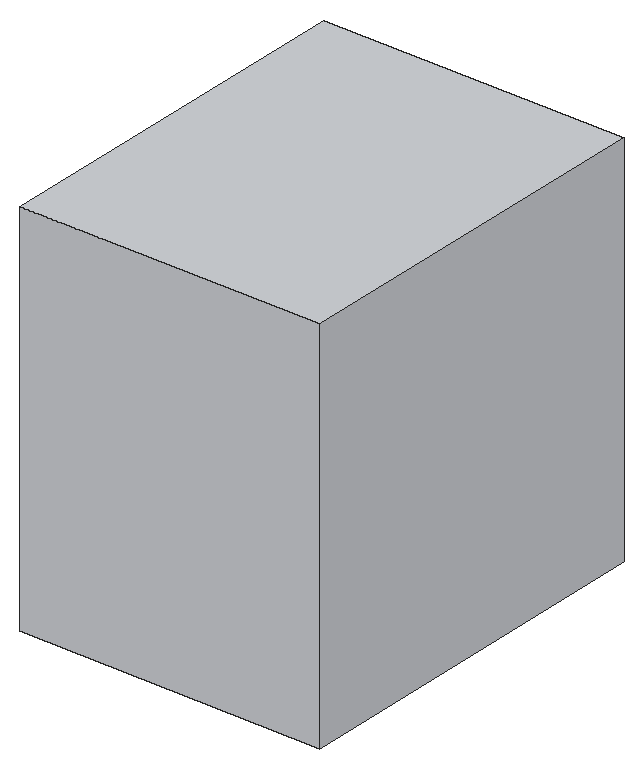
Revit family "M_Plugue - PVC - Sch 40 - DWV", category Conexões de tubo, Revit 2019
Family settings
  Cota do conector redondo = Usar raio
  Tipo de parte = Cobertura
  Número OmniClass = 23.60.30.11.14
  Título OmniClass = Pipework Fittings
  ID de item do Seek = Plug - PVC - Sch 40 - DWV-0000-CAN-ENU
  Com base no plano de trabalho = Não
  Sempre na vertical = Sim
  Corte com vazios quando carregada = Não
  Compartilhado = Não
Parameters (values of type "Padrão")
  Comprimento da rosca [instance] = size_lookup(Nome da tabela de pesquisa, "TLgt", 0.11 * Diâmetro nominal + 10.716 mm, Diâmetro nominal)  # 15.875 mm
  Raio nominal [instance] = 20 mm
  Diâmetro nominal [instance] = Raio nominal * 2  # 40 mm
  Método de perda = Não definido
  Nome da tabela de pesquisa = "M_Plug - PVC - Sch 40 - DWV"
  Altura [instance] = size_lookup(Nome da tabela de pesquisa, "Hgt", 0.15 * Diâmetro nominal + 29.964 mm, Diâmetro nominal)  # 34.925 mm
  Largura da extremidade superior [instance] = 0.5 * Diâmetro externo da conexão  # 24.13 mm
  Altura da extremidade [instance] = Altura - Comprimento da rosca  # 19.05 mm
  Raio externo da conexão [instance] = Diâmetro externo da conexão / 2  # 24.13 mm
  Diâmetro externo da conexão [instance] = size_lookup(Nome da tabela de pesquisa, "FOD", 1.04 * Diâmetro nominal + 9.128 mm, Diâmetro nominal)  # 48.26 mm
Reference planes
  plane 1 "Centro (Frente/Trás)": y = 0
  plane 2: z = 0
  plane 3 "Centro (Esquerda/Direita)": x = 0
  plane 4: x = 19.05
  plane 5: y = 12.065
  plane 6: y = -12.065
  plane 7: z = 12.065
  plane 8: z = -12.065
Forms (mm)
  Extrusion 1, solid, detail levels fine
    sketch origin (0, 0, 0) x (1, 0, 0) y (0, 1, 0)
      loop
        line (0, 12.065) -> (0, -12.065) -> (19.05, -12.065) -> (19.05, 12.065) -> (0, 12.065)
    from -12.065 to 12.065
Lines and regions (mm)
  model lines, detail levels coarse+medium
    curve 1: line (0, 12.065, 0) -> (19.05, 12.065, 0)
    curve 2: line (19.05, 12.065, 0) -> (19.05, -12.065, 0)
    curve 3: line (0, -12.065, 0) -> (19.05, -12.065, 0)
Dimensions and locks
  "Altura da extremidade": plane 3 "Centro (Esquerda/Direita)" to plane 4
  equal spacing: plane 5, plane 1 "Centro (Frente/Trás)", plane 6
  "Largura da extremidade superior": plane 5 to plane 6
  equal spacing: plane 7, plane 2, plane 8
  "Largura da extremidade superior": plane 7 to plane 8
  aligned and locked: Extrusion 1 sketch curve to plane 5
  aligned and locked: Extrusion 1 sketch curve to plane 4
  aligned and locked: plane 6 to Extrusion 1 sketch curve
  aligned and locked: plane 3 "Centro (Esquerda/Direita)" to Extrusion 1 sketch curve
  aligned and locked: plane 7 to Extrusion 1
  aligned and locked: plane 8 to Extrusion 1
  aligned and locked: plane 3 "Centro (Esquerda/Direita)" to curve 1
  aligned and locked: curve 1 to plane 5
  aligned and locked: curve 2 to plane 4
  aligned and locked: plane 5 to curve 2
  aligned and locked: plane 6 to curve 2
  aligned and locked: plane 3 "Centro (Esquerda/Direita)" to curve 3
  aligned and locked: plane 4 to curve 3
  aligned and locked: curve 3 to plane 6
Connectors
  piping at (0, 0, 0), diameter 40, driven by "Raio nominal"
    settings: on Extrusion 1, index 1, connector inside diameter 40 mm, connector length 0 mm, flow factor 0, pipe flow 0.0 L/s, pressure drop 0.0 Pa, fitting loss kfactor 0, connector angle 0.00°, fixture units 0, engagement length 0 mm, angle of deflection 0.00°, flow configuration 0, flow direction 0, fitting loss method 0, system type 28, joint type 0, gender type 0, connector reference index -1, connector utility 0, adjustable connector no, is connector primary yes, connector description ""
